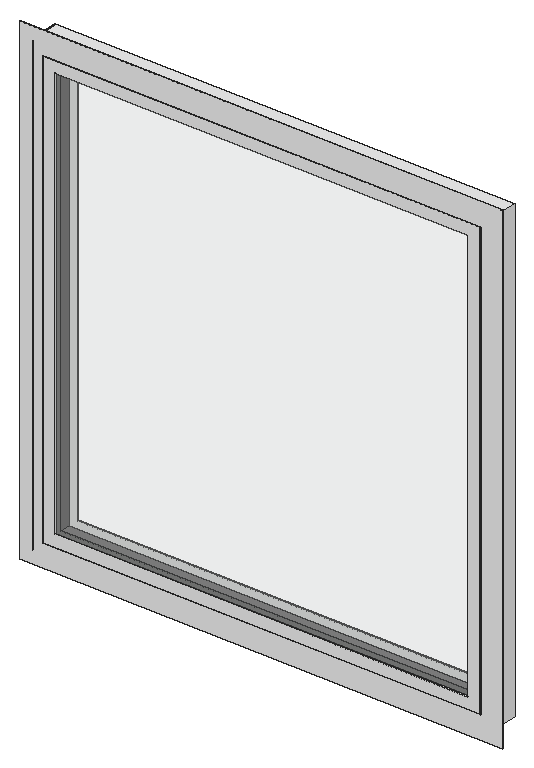
Revit family "Casement_38_C_Top_Hung_Custom", category Windows, host Wall, Revit 2014
Parameters (values of type "Casement_Sash_DG")
  Width Sash [instance] = 30 mm
  Width Sash Inner = 15 mm
  Width Bead = 15 mm
  Top Hung [instance] = yes
  Side Hung Right [instance] = yes
  Side Hung Left [instance] = yes
  Sash Opening Width [instance] = 600 mm
  Sash Opening Height [instance] = 600.312 mm
  Sash Lip = 15 mm
  Glazing Material [instance] = Glass
  DG Start Piece 2 [instance] = DG End Piece 1 + DG Gasket Thickness  # 25 mm
  DG Start Peice 1 [instance] = (Depth Sash - (2 * DG Glazing Thickness) - DG Gasket Thickness) / 2  # 6.6 mm
  Glazing Offset = 5 mm
  DG Glazing Thickness [instance] = 6.4 mm
  DG Gasket Thickness = 12 mm  # constant formula
  DG Gasket Material [instance] = Double Glazing Gasket Material
  DG End Piece 2 [instance] = DG Start Piece 2 + DG Glazing Thickness  # 31.4 mm
  DG End Piece 1 [instance] = DG Start Peice 1 + DG Glazing Thickness  # 13 mm
  Depth Sash [instance] = 38 mm
  Center Vertical Sash [instance] = Sash Opening Height / 2  # 300.156 mm
  Center Horizontal Sash [instance] = Sash Opening Width / 2  # 300 mm
  Bottom Hung [instance] = yes
  Bead Offset = 15 mm
  Aluminium Thickness = 1 mm
  Aluminium Material [instance] = White Powder Coated Aluminium
Reference planes
  plane 1 "Center (Front/Back)": y = 0
  plane 2: z = 0
  plane 3 "Center (Left/Right)": x = 0
Forms (mm)
  Sweep 1, solid, material "White Powder Coated Aluminium" <- "Aluminium Material"
    path origin (16.177, 0, 121.331) x (1, 0, 0) y (0, 0, 1)
      loop
        line (0, 0) -> (600, 0) -> (600, 600.312) -> (0, 600.312) -> (0, 0)
    profile origin (316.177, 0, 121.331) x (0, 0, 1) y (0, -1, 0)
      loop
        line (0, 0) -> (30, 0) -> (30, 1) -> (15, 1) -> (15, 38) -> (-15, 38) -> (-15, 37) -> (0, 37) -> (0, 0)
      loop
        line (14, 1) -> (14, 37) -> (1, 37) -> (1, 1) -> (14, 1)
  Sweep 2, solid, material "White Powder Coated Aluminium" <- "Aluminium Material"
    path origin (0, 0, 0) x (1, 0, 0) y (0, 0, 1)
      loop
        line (31.177, 706.643) -> (31.177, 136.331) -> (601.177, 136.331) -> (601.177, 706.643) -> (31.177, 706.643)
    profile origin (316.177, 0, 706.643) x (0, 0, 1) y (0, -1, 0)
      loop
        line (0, 37) -> (0, 38) -> (-15, 38) -> (-15, 37) -> (0, 37)
  Extrusion 3, solid, material "Glass" <- "Glazing Material"
    sketch origin (0, 0, 0) x (1, 0, 0) y (0, 0, 1)
      loop
        line (36.177, 701.643) -> (36.177, 141.331) -> (596.177, 141.331) -> (596.177, 701.643) -> (36.177, 701.643)
    from 6.6 <- "DG Start Peice 1" to 13 <- "DG End Piece 1"
  Extrusion 4, solid, material "Glass" <- "Glazing Material"
    sketch origin (0, 0, 0) x (1, 0, 0) y (0, 0, 1)
      loop
        line (36.177, 701.643) -> (36.177, 141.331) -> (596.177, 141.331) -> (596.177, 701.643) -> (36.177, 701.643)
    from 31.4 <- "DG End Piece 2" to 25 <- "DG Start Piece 2"
  Sweep 5, solid, material "Double Glazing Gasket Material" <- "DG Gasket Material"
    path origin (0, -13, 0) x (1, 0, 0) y (0, 0, 1)
      loop
        line (36.177, 701.643) -> (36.177, 141.331) -> (596.177, 141.331) -> (596.177, 701.643) -> (36.177, 701.643)
    profile origin (316.177, -13, 701.643) x (0, 0, 1) y (0, -1, 0)
      loop
        line (0, 0) -> (0, 12) -> (-7.96, 12) -> (-7.96, 0) -> (0, 0)
Lines and regions (mm)
  model lines
    curve 1: line (1.177, -38, 736.643) -> (31.177, -38, 706.643)
    curve 2: line (601.177, -38, 706.643) -> (631.177, -38, 736.643)
    curve 3: line (601.177, -38, 136.331) -> (631.177, -38, 106.331)
    curve 4: line (1.177, -38, 106.331) -> (31.177, -38, 136.331)
    curve 5: line (631.177, -37, 736.643) -> (616.177, -37, 721.643)
    curve 6: line (1.177, -37, 736.643) -> (16.177, -37, 721.643)
    curve 7: line (1.177, -37, 106.331) -> (16.177, -37, 121.331)
    curve 8: line (631.177, -37, 106.331) -> (616.177, -37, 121.331)
    curve 9: line (616.177, 0, 121.331) -> (586.177, 0, 151.331)
    curve 10: line (46.177, 0, 151.331) -> (16.177, 0, 121.331)
    curve 11: line (616.177, 0, 721.643) -> (586.177, 0, 691.643)
    curve 12: line (46.177, 0, 691.643) -> (16.177, 0, 721.643)
    curve 13: line (31.177, -38, 691.643) -> (46.177, -38, 691.643)
    curve 14: line (586.177, -38, 691.643) -> (601.177, -38, 691.643)
    curve 15: line (586.177, -38, 151.331) -> (601.177, -38, 151.331)
    curve 16: line (31.177, -38, 151.331) -> (46.177, -38, 151.331)
  model lines, style "GenericModelHiddenLines", visible <- "Top Hung"
    curve 17: line (46.386, -31.4, 690.914) -> (316.177, -31.4, 151.331)
    curve 18: line (316.177, -31.4, 151.331) -> (586.177, -31.4, 691.331)
  model lines, style "GenericModelHiddenLines", visible <- "Bottom Hung"
    curve 19: line (46.177, -31.4, 151.331) -> (316.177, -31.4, 691.331)
    curve 20: line (316.177, -31.4, 691.331) -> (586.177, -31.4, 151.331)
  model lines, style "GenericModelHiddenLines", visible <- "Side Hung Left"
    curve 21: line (46.386, -31.4, 690.914) -> (585.24, -31.4, 421.487)
    curve 22: line (585.24, -31.4, 421.487) -> (46.177, -31.4, 151.331)
  model lines, style "GenericModelHiddenLines", visible <- "Side Hung Right"
    curve 23: line (586.177, -31.4, 691.331) -> (46.177, -31.4, 421.487)
    curve 24: line (46.177, -31.4, 421.487) -> (586.177, -31.4, 151.331)
Dimensions and locks
  "Aluminium Thickness": Sweep 1 sketch curve to Sweep 1 sketch curve  (x4)
  "Depth Sash": Sweep 1 sketch curve to Sweep 1 sketch curve
  "Sash Opening Width": Sweep 1 to Sweep 1
  "Sash Opening Height": Sweep 1 to Sweep 1
  "Width Sash": Sweep 1 sketch curve to Sweep 1 sketch curve  (x2)
  "Width Sash Inner": Sweep 1 sketch curve to Sweep 1 sketch curve
  "Sash Lip": Sweep 1 sketch curve to Sweep 1 sketch curve
  "Aluminium Thickness": Sweep 1 to Sweep 2 sketch curve
  "Glazing Offset": Sweep 2 to Extrusion 3 sketch curve  (x3)
  "Glazing Offset": Extrusion 3 sketch curve to Sweep 2
  Sweep 1 to Sweep 1 = 1 mm
  "Aluminium Thickness": Sweep 2 sketch curve to Sweep 2 sketch curve
  "Width Bead": Sweep 2 sketch curve to Sweep 2 sketch curve
  locked: Sweep 5 sketch curve to Sweep 5 sketch curve at 7.96
  "Center Horizontal Sash": Sweep 1 to curve 18
  "Center Horizontal Sash": Sweep 1 to curve 20
  "Center Vertical Sash": Sweep 1 to curve 22
  "Center Vertical Sash": Sweep 1 to curve 24
  aligned and locked: level to plane 2
  aligned and locked: Sweep 1 sketch curve to Sweep 1 sketch curve  (x2)
  aligned and locked: Sweep 2 sketch curve to Sweep 1  (x5)
  aligned and locked: Extrusion 4 sketch curve to Extrusion 3  (x4)
  aligned and locked: Sweep 5 sketch curve to Extrusion 3  (x5)
  aligned and locked: Extrusion 3 to Sweep 5 sketch curve
Automatic sketch dimensions
  plane 3 "Center (Left/Right)" to Sweep 1 sketch curve = 16.177 mm
  level to Sweep 1 sketch curve = 121.331 mm
  plane 3 "Center (Left/Right)" to Sweep 1 sketch curve = 616.177 mm
  level to Sweep 1 sketch curve = 721.643 mm
  profile plane to Sweep 5 sketch curve = 12 mm
  curve 7 to Sweep 1 = 0 mm  (x4)
  curve 6 to Sweep 1 = 0 mm  (x3)
  Sweep 1 to curve 6 = 0 mm
  curve 5 to Sweep 1 = 0 mm  (x3)
  curve 8 to Sweep 1 = 0 mm  (x4)
  Sweep 1 to curve 5 = 0 mm
  curve 16 to Sweep 2 = 0 mm  (x3)
  curve 13 to Sweep 2 = 0 mm  (x3)
  curve 15 to Sweep 2 = 0 mm
  Sweep 2 to curve 15 = 0 mm  (x2)
  curve 14 to Sweep 2 = 0 mm  (x2)
  Sweep 2 to curve 14 = 0 mm
  curve 1 to Sweep 1 = 0 mm  (x4)
  curve 4 to Sweep 1 = 0 mm  (x3)
  Sweep 1 to curve 4 = 0 mm
  curve 3 to Sweep 1 = 0 mm  (x3)
  curve 2 to Sweep 1 = 0 mm  (x4)
  Sweep 1 to curve 3 = 0 mm
  curve 10 to Sweep 1 = 0 mm  (x4)
  curve 12 to Sweep 1 = 0 mm  (x3)
  Sweep 1 to curve 12 = 0 mm
  curve 9 to Sweep 1 = 0 mm  (x4)
  curve 11 to Sweep 1 = 0 mm  (x3)
  Sweep 1 to curve 11 = 0 mm
  Sweep 1 sketch curve to plane 1 "Center (Front/Back)" = 0 mm
  profile plane to Sweep 1 sketch curve = 0 mm
  curve 21 to Extrusion 4 = 10.208 mm
  curve 19 to Extrusion 4 = 10 mm
  curve 23 to Extrusion 4 = 10 mm  (x2)
  curve 22 to Extrusion 4 = 10.937 mm
  curve 20 to Extrusion 4 = 10 mm
  curve 24 to Extrusion 4 = 10 mm
  curve 22 to Extrusion 4 = 10 mm
  curve 18 to Extrusion 4 = 10 mm
  curve 21 to Extrusion 4 = 10.729 mm
  curve 19 to Extrusion 4 = 10.312 mm
  curve 18 to Extrusion 4 = 10.312 mm
